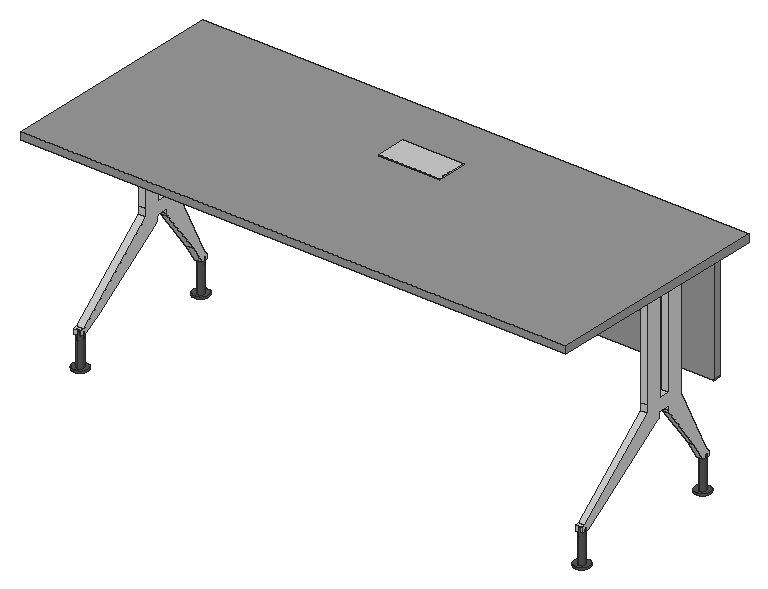
Revit family "Haworth_Planes_TrainingTable_Rectangle_AP_PRELIMINARY", category Furniture, Revit 2019
Family settings
  OmniClass Number = 23.40.70.14.64.21
  OmniClass Title = Systems Furniture
  Work Plane-Based = No
  Always vertical = Yes
  Cut with Voids When Loaded = No
  Shared = No
  Room Calculation Point = No
Parameters (values of type "1800w x 750d")
  With Screen = yes
  Width = 1800 mm
  Warranty = "http://www.haworth.com/resources/product-info/warranties"
  URL - Product = "https://www.haworth.com/ap/en/products/conference-tables/planes-0.html"
  Trim Finish = Haworth _ Polymer _ Undecided
  Top Finish [instance] = Haworth _ Laminate _ Undecided _ Tables
  Support Finish [instance] = Haworth _ Paint _ Undecided _ Table
  Screen Width = Actual Width - 190 mm  # 1610 mm
  Screen Finish [instance] = Haworth _ Fabric _ Undecided _ Screen
  Model = "WOPLTRR"  # constant formula
  Min. Width = 1500 mm  # constant formula
  Min. Depth = 650 mm  # constant formula
  Max. Width = 1800 mm  # constant formula
  Max. Depth = 800 mm  # constant formula
  Leg Height = Actual Height - 25 mm  # 715 mm
  Glides = yes
  Flip Top Finish = Haworth _ Paint _ Undecided _ Table
  Flip Top = yes
  Description = "Haworth - Planes - Training Table - Rectangle"  # constant formula
  URL = "https://www.haworth.com/ap/en.html"
  Size = "Verify Final Dim. w/ Haworth"  # constant formula
  Revision Number = "1"  # constant formula
  Manufacturer = "Haworth"  # constant formula
  Depth = 750 mm
  Casters = not(Glides)  # no
  Caster Finish = Haworth _ Polymer _ Black
  Author = "Haworth (Abd Rahman)"  # constant formula
  Assembly Code = "E2020200"
  Actual Width = if(Width > Max. Width, Max. Width, if(Width < Min. Width, Min. Width, Width))  # 1800 mm
  Actual Height = 740 mm  # constant formula
  Actual Depth = if(Depth > Max. Depth, Max. Depth, if(Depth < Min. Depth, Min. Depth, Depth))  # 750 mm
Types (7, lengths in mm): name | With Screen | Width | Screen Width | Glides | Flip Top | Depth | Casters | Actual Width | Actual Depth
  (no name) | yes | 1800 | 1610 | yes | yes | 750 | no | 1800 | 750
  1500w x 650d | no | 1500 | 1310 | no | no | 650 | yes | 1500 | 650
  1600w x 650d | no | 1600 | 1410 | no | no | 650 | yes | 1600 | 650
  1800w x 650d | yes | 1800 | 1610 | no | yes | 650 | yes | 1800 | 650
  1500w x 750d | yes | 1500 | 1310 | yes | yes | 750 | no | 1500 | 750
  1600w x 750d | yes | 1600 | 1410 | yes | yes | 750 | no | 1600 | 750
  1800w x 750d | yes | 1800 | 1610 | yes | yes | 750 | no | 1800 | 750
Reference planes
  plane 1 "Center F/B": y = 0
  plane 2: z = 0
  plane 3 "Top": z = 740
  plane 4: x = 0
  plane 5: z = 715
  plane 6: x = -900
  plane 7: x = 900
  plane 8: y = 375
  plane 9: y = -375
  plane 10: y = -325
  plane 11: x = 850
  plane 12: y = 325
  plane 13: x = -850
  plane 14: y = 102.482
  plane 15: x = 470
  plane 16: x = -470
  plane 17: z = 689.941
Dimensions and locks
  "Actual Height": plane 3 "Top" to level
  "Actual Width": plane 6 to plane 7
  equal spacing: plane 6, plane 4, plane 7
  equal spacing: plane 8, plane 1 "Center F/B", plane 9
  "Actual Depth": plane 8 to plane 9
  locked: plane 3 "Top" to plane 5 at 25
  locked: plane 6 to plane 13 at 50
  locked: plane 11 to plane 7 at 50
  locked: plane 10 to plane 9 at 50
  locked: plane 12 to plane 8 at 50
  locked: plane 1 "Center F/B" to plane 14 at 102.482
  locked: plane 15 to plane 7 at 430
  locked: plane 6 to plane 16 at 430
  locked: plane 5 to plane 17 at 25.059
  aligned and locked: nested 2 to plane 4
  aligned and locked: plane 1 "Center F/B" to nested 2
  aligned and locked: plane 3 "Top" to nested 2
  aligned and locked: level to nested 4
  aligned and locked: level to nested 3
  aligned and locked: nested 1 to plane 4
  aligned and locked: plane 5 to nested 1
  aligned and locked: plane 8 to nested 1
  aligned and locked: nested 5 to plane 4
  aligned and locked: nested 6 to plane 4
  aligned and locked: nested 6 to plane 3 "Top"
  aligned and locked: plane 1 "Center F/B" to nested 4
  aligned and locked: nested 4 to plane 11
  aligned and locked: plane 1 "Center F/B" to nested 3
  aligned and locked: plane 13 to nested 3
  aligned and locked: plane 14 to nested 5
  aligned and locked: nested 6 to plane 14
  aligned and locked: nested 7 to plane 15
  aligned and locked: plane 1 "Center F/B" to nested 7
  aligned and locked: nested 8 to plane 16
  aligned and locked: nested 8 to plane 1 "Center F/B"
  aligned and locked: nested 8 to plane 5
  aligned and locked: plane 5 to nested 7
  aligned and locked: nested 5 to plane 17
Nested families
  nested 1: "Haworth_Planes_ModestyPanel-PART" at (0, -16, -463.707), Screen Finish <- "Screen Finish", Trim Finish <- "Trim Finish", visible <- "With Screen", type "Modesty Panel"
    with Trim Finish Haworth _ Polymer _ Undecided, Screen Finish Haworth _ Fabric _ Undecided _ Screen, Actual Width 1610 mm
  nested 2: "Haworth_Planes_Top_EU-PART" at (556.859, 72.1, 5), Top Finish <- "Top Finish", type "Conference Desk - Top"
    with Top Finish Haworth _ Laminate _ Undecided _ Tables, Rounded Corners no, Actual Width 1800 mm, Actual Depth 750 mm
  nested 3: "Haworth_Planes_YLeg_Linear-PART" at (-1304, 29.1, 0.293), Support Finish <- "Support Finish", type "Leg"
    with Support Finish Haworth _ Paint _ Undecided _ Table, Glides yes, Casters no
  nested 4: "Haworth_Planes_YLeg_Linear-PART" at (350, 29.1, 0.293), Support Finish <- "Support Finish", type "Leg"
    with Support Finish Haworth _ Paint _ Undecided _ Table, Glides yes, Casters no
  nested 5: "Haworth_Planes_Beam_Understructure-PART" at (0, 131.582, -25.059), Support Finish <- "Support Finish", type "Beam Understructure"
    with Support Finish Haworth _ Paint _ Undecided _ Table, Actual Width 1610 mm
  nested 6: "Haworth-Flip Top" at (-14.487, 151.149, -60), visible <- "Flip Top", type "Flip Top - Visio"
    with Actual Width 200 mm, Actual Depth 100 mm
  nested 7: "Haworth_Planes_DeskUnderstructure-PART" at (470, 29.1, 0), Support Finish <- "Support Finish", type "Desk Understructure"
    with Support Finish Haworth _ Paint _ Undecided _ Table
  nested 8: "Haworth_Planes_DeskUnderstructure-PART" at (-470, 29.1, 0) x (-1, 0, 0) z (0, 0, 1), Support Finish <- "Support Finish", type "Desk Understructure"
    with Support Finish Haworth _ Paint _ Undecided _ Table
Definition of nested family "Haworth_Planes_ModestyPanel-PART"
  Parameters (values of type "Modesty Panel")
    Warranty = "http://www.haworth.com/resources/product-info/warranties"
    URL - Product = "\"Haworth - Planes - Modesty Panel\""
    URL = "https://www.haworth.com/eu/en.html"
    Trim Finish [instance] = none
    Thickness = 32 mm  # constant formula
    Size = "Verify Final Dim. w/ Haworth"  # constant formula
    Screen Finish [instance] = none
    Revision Number = ""
    Model = "Haworth - Planes - Modesty Panel"  # constant formula
    Manufacturer = "Haworth"  # constant formula
    Description = "Haworth - Planes - Modesty Panel"  # constant formula
    Author = "Haworth (Abd Rahman)"  # constant formula
    Assembly Code = ""
    Actual Width = 1300 mm
    Actual Height = 400 mm
    Actual Depth = 20 mm  # constant formula
  Reference planes
    plane 1 "Center F/B": y = 381
    plane 2: z = 0
    plane 3 "Center L/R": x = 0
    plane 4 "Table Front": y = 391
    plane 5 "Table Right": x = 650
    plane 6 "Table Left": x = -650
    plane 7 "Table Back": y = 371
    plane 8: z = 745.582
    plane 9: z = 1145.582
    plane 10: x = 400.779
    plane 11: x = -400.779
    plane 12: z = 1178.707
    plane 13: y = 399.573
  Forms (mm)
    Extrusion 1, solid, material <- "Screen Finish"
      sketch origin (0, 391, 0) x (-1, 0, 0) y (0, 0, 1)
        loop
          line (645, 1145.582) -> (-645, 1145.582)
          arc (-645, 1145.582) -> (-648.536, 1144.118) -> (-650, 1140.582) r 5
          line (-650, 1140.582) -> (-650, 750.582)
          arc (-650, 750.582) -> (-648.536, 747.047) -> (-645, 745.582) r 5
          line (-645, 745.582) -> (645, 745.582)
          arc (645, 745.582) -> (648.536, 747.047) -> (650, 750.582) r 5
          line (650, 750.582) -> (650, 1140.582)
          arc (650, 1140.582) -> (648.536, 1144.118) -> (645, 1145.582) r 5
      from -20 to 0
  Lines and regions (mm)
    Masking region 1
      outline origin (0, 0, 0) x (1, 0, 0) y (0, 1, 0)
        loop
          line (-650, 391) -> (-650, 371) -> (650, 371) -> (650, 391) -> (-650, 391)
  Dimensions and locks
    "Actual Depth": plane 7 "Table Back" to plane 4 "Table Front"
    "Actual Width": plane 6 "Table Left" to plane 5 "Table Right"
    equal spacing: plane 6 "Table Left", plane 3 "Center L/R", plane 5 "Table Right"
    equal spacing: plane 4 "Table Front", plane 1 "Center F/B", plane 7 "Table Back"
    "Actual Height": plane 9 to plane 8
    locked: plane 11 to plane 6 "Table Left" at 249.221
    locked: plane 10 to plane 5 "Table Right" at 249.221
    plane 12 to plane 9 = 33.125 mm
    aligned and locked: Extrusion 1 sketch curve to plane 5 "Table Right"
    aligned and locked: plane 8 to Extrusion 1 sketch curve
    aligned and locked: nested 1 to plane 10
    aligned and locked: nested 2 to plane 11
    aligned and locked: plane 4 "Table Front" to Extrusion 1
    aligned and locked: plane 7 "Table Back" to Extrusion 1
    aligned and locked: plane 12 to nested 1
    aligned and locked: plane 12 to nested 2
    aligned and locked: plane 13 to nested 2
    aligned and locked: plane 13 to nested 1
    aligned and locked: plane 6 "Table Left" to Masking region 1 sketch curve
    aligned and locked: Masking region 1 sketch curve to plane 7 "Table Back"
    aligned and locked: plane 5 "Table Right" to Masking region 1 sketch curve
    aligned and locked: Masking region 1 sketch curve to plane 4 "Table Front"
  Automatic sketch dimensions
    plane 5 "Table Right" to Extrusion 1 sketch curve = 5 mm  (x2)
    Extrusion 1 sketch curve to Extrusion 1 sketch curve = 5 mm  (x2)
    Extrusion 1 sketch curve to plane 6 "Table Left" = 0 mm
    Extrusion 1 sketch curve to plane 9 = 0 mm
  Nested families
    nested 1: "Haworth_Planes_ModestyPanel-FixingKit-PART" at (11.175, 2353.951, 465.107), Trim Finish <- "Trim Finish", type "Fixing Kit"
      with Trim Finish none
    nested 2: "Haworth_Planes_ModestyPanel-FixingKit-PART" at (-790.384, 2353.951, 465.107), Trim Finish <- "Trim Finish", type "Fixing Kit"
      with Trim Finish none
  Definition of nested family "Haworth_Planes_ModestyPanel-FixingKit-PART"
    Parameters (values of type "Fixing Kit")
      Warranty = "http://www.haworth.com/resources/product-info/warranties"
      URL - Product = "https://www.haworth.com/eu/en/products/conference-tables/planes-0.html"
      URL = "https://www.haworth.com/eu/en.html"
      Trim Finish [instance] = none
      Size = "Verify Final Dim. w/ Haworth"  # constant formula
      Revision Number = ""
      Model = "Haworth - Planes - Modesty Panel"  # constant formula
      Manufacturer = "Haworth"  # constant formula
      Description = "Haworth - Planes - Modesty Panel"  # constant formula
      Author = "Haworth (Abd Rahman)"  # constant formula
      Assembly Code = ""
      Actual Width = 60 mm  # constant formula
      Actual Height = 400 mm
      Actual Depth = 80 mm  # constant formula
    Reference planes
      plane 1: z = 0
      plane 2: x = 419.604
      plane 3: x = 359.604
      plane 4: y = -2045.451
      plane 5: y = -1965.451
      plane 6: x = 389.604
      plane 7: y = -2005.451
      plane 8: z = 713.6
      plane 9: z = 646.069
    Forms (mm)
      Extrusion 1, solid, material <- "Trim Finish"
        sketch origin (0, 0, 0) x (1, 0, 0) y (0, 1, 0)
          loop
            line (359.604, -1966.95) -> (359.604, -2043.951) -> (361.104, -2045.451) -> (418.104, -2045.451) -> (419.604, -2043.951) -> (419.604, -1966.95) -> (418.104, -1965.451) -> (400.162, -1965.451) -> (400.162, -1990.429) -> (379.046, -1990.429) -> (379.046, -1965.451) -> (361.104, -1965.451) -> (359.604, -1966.95)
        from 694.159 to 713.6
      Extrusion 2, solid, material <- "Trim Finish"
        sketch origin (0, 0, 0) x (1, 0, 0) y (0, 1, 0)
          loop
            line (382.136, -1955.878) -> (382.136, -1990.429) -> (397.072, -1990.429) -> (397.072, -1955.878) -> (395.572, -1954.378) -> (383.637, -1954.378) -> (382.136, -1955.878)
        from 703.859 to 710.25
      Extrusion 3, solid, material <- "Trim Finish"
        sketch origin (700, 0, 0) x (0, -1, 0) y (0, 0, 1)
          loop
            line (2038.451, 694.159) -> (1970.296, 694.159) -> (1970.296, 683.014)
            arc (1970.296, 683.014) -> (1971.43, 680.646) -> (1973.987, 680.046) r 3.039
            line (1973.987, 680.046) -> (2038.451, 694.159)
        from 283.261 to 337.338
      Extrusion 4, solid, material <- "Trim Finish"
        sketch origin (700, 0, 0) x (0, -1, 0) y (0, 0, 1)
          loop
            arc (1989.867, 673.842) -> (1986.219, 683.857) -> (1977.537, 690.041) r 17.962
            arc (1977.537, 690.041) -> (1969.985, 689.966) -> (1965.918, 683.601) r 7.933
            line (1965.918, 683.601) -> (1965.918, 678.966) -> (1970.296, 678.966) -> (1970.296, 683.343) -> (1976.219, 683.343) -> (1976.219, 678.966) -> (1981.884, 678.966) -> (1981.884, 646.069) -> (1989.867, 646.069) -> (1989.867, 673.842)
        from 280.3 to 340.299
      Extrusion 5, void
        sketch origin (0, 397, 0) x (-1, 0, 0) y (0, 0, 1)
          loop
            line (-413.2, 690.94) -> (-413.2, 669.953) -> (-416.701, 669.953)
            arc (-416.701, 669.953) -> (-418.822, 669.074) -> (-419.7, 666.953) r 3
            line (-419.7, 666.953) -> (-419.7, 649.069)
            arc (-419.7, 649.069) -> (-418.822, 646.947) -> (-416.7, 646.069) r 3
            line (-416.7, 646.069) -> (-362.443, 646.069)
            arc (-362.443, 646.069) -> (-360.322, 646.947) -> (-359.443, 649.069) r 3
            line (-359.443, 649.069) -> (-359.443, 666.982)
            arc (-359.443, 666.982) -> (-360.313, 669.083) -> (-362.413, 669.953) r 2.97
            line (-362.413, 669.953) -> (-365.943, 669.953) -> (-365.943, 690.94) -> (-378.572, 690.94) -> (-378.572, 669.953) -> (-400.572, 669.953) -> (-400.572, 690.94) -> (-413.2, 690.94)
          loop
            line (-354.992, 695.369) -> (-426.878, 695.369) -> (-426.878, 640.369) -> (-354.992, 640.369) -> (-354.992, 695.369)
        from -2414.06 to -2318.616
      Extrusion 6, solid, material <- "Trim Finish"
        sketch origin (0, 0, 0) x (1, 0, 0) y (0, 1, 0)
          loop
            line (400.162, -1990.429) -> (400.162, -1965.451) -> (379.046, -1965.451) -> (379.046, -1990.429) -> (400.162, -1990.429)
        from 694.159 to 707.6
    Cuts and joins
      Extrusion 5 cuts Extrusion 4
      joined: Extrusion 1, Extrusion 2, Extrusion 3, Extrusion 4, Extrusion 6
    Lines and regions (mm)
      Masking region 1
        outline origin (0, 0, 0) x (1, 0, 0) y (0, 1, 0)
          loop
            line (359.604, -1966.95) -> (359.604, -2043.951) -> (361.104, -2045.451) -> (418.104, -2045.451) -> (419.604, -2043.951) -> (419.604, -1966.95) -> (418.104, -1965.451) -> (400.162, -1965.451) -> (400.162, -1990.429) -> (397.072, -1990.429) -> (397.072, -1955.878) -> (395.572, -1954.378) -> (383.637, -1954.378) -> (382.136, -1955.878) -> (382.136, -1990.429) -> (379.046, -1990.429) -> (379.046, -1965.451) -> (361.104, -1965.451) -> (359.604, -1966.95)
    Dimensions and locks
      equal spacing: plane 3, plane 6, plane 2
      "Actual Width": plane 3 to plane 2
      "Actual Depth": plane 4 to plane 5
      equal spacing: plane 4, plane 7, plane 5
    Automatic sketch dimensions
      Extrusion 1 sketch curve to plane 3 = 0 mm
      plane 4 to Extrusion 1 sketch curve = 0 mm
      plane 5 to Extrusion 1 sketch curve = 0 mm  (x2)
      Extrusion 1 sketch curve to plane 2 = 0 mm
      Extrusion 1 sketch curve to plane 3 = 1.5 mm  (x2)
      Extrusion 1 sketch curve to plane 6 = 10.558 mm
      plane 6 to Extrusion 1 sketch curve = 10.558 mm
      plane 2 to Extrusion 1 sketch curve = 1.5 mm  (x2)
      Extrusion 1 sketch curve to plane 4 = 1.5 mm  (x2)
      plane 5 to Extrusion 1 sketch curve = 1.5 mm  (x2)
      Extrusion 2 sketch curve to plane 6 = 7.468 mm
      Extrusion 2 sketch curve to Extrusion 2 sketch curve = 1.5 mm  (x3)
      plane 6 to Extrusion 2 sketch curve = 5.968 mm
      Extrusion 2 sketch curve to plane 5 = 9.573 mm  (x2)
      plane 5 to Extrusion 3 sketch curve = 4.845 mm
      Extrusion 3 sketch curve to Extrusion 3 sketch curve = 3.039 mm
      Extrusion 3 sketch curve to Extrusion 3 sketch curve = 0.652 mm
      Extrusion 3 sketch curve to plane 4 = 7 mm
      Extrusion 3 sketch curve to Extrusion 3 sketch curve = 11.145 mm
      plane 5 to Extrusion 4 sketch curve = 0.468 mm
      Extrusion 4 sketch curve to Extrusion 4 sketch curve = 4.378 mm
      Extrusion 4 sketch curve to Extrusion 4 sketch curve = 1.629 mm
      Extrusion 4 sketch curve to Extrusion 4 sketch curve = 3.535 mm
      Extrusion 4 sketch curve to Extrusion 4 sketch curve = 2.388 mm
      plane 5 to Extrusion 4 sketch curve = 16.433 mm
      Extrusion 4 sketch curve to Extrusion 4 sketch curve = 7.983 mm
      Extrusion 4 sketch curve to Extrusion 4 sketch curve = 26.91 mm
      Extrusion 4 sketch curve to Extrusion 4 sketch curve = 0.864 mm
      Extrusion 4 sketch curve to Extrusion 4 sketch curve = 5.987 mm  (x2)
      Extrusion 4 sketch curve to Extrusion 4 sketch curve = 4.062 mm
      Extrusion 4 sketch curve to Extrusion 4 sketch curve = 0.316 mm
      Extrusion 4 sketch curve to Extrusion 4 sketch curve = 0.258 mm
      Extrusion 5 sketch curve to plane 2 = 7.274 mm
      Extrusion 5 sketch curve to plane 2 = 0.096 mm
      plane 2 to Extrusion 5 sketch curve = 2.904 mm  (x2)
      Extrusion 5 sketch curve to Extrusion 5 sketch curve = 3.5 mm
      plane 6 to Extrusion 5 sketch curve = 10.967 mm
      Extrusion 5 sketch curve to plane 6 = 11.033 mm
      Extrusion 5 sketch curve to plane 3 = 6.339 mm
      Extrusion 5 sketch curve to plane 3 = 2.839 mm
      Extrusion 5 sketch curve to plane 3 = 2.809 mm
      plane 3 to Extrusion 5 sketch curve = 0.161 mm
      plane 3 to Extrusion 5 sketch curve = 4.613 mm
      Extrusion 5 sketch curve to Extrusion 5 sketch curve = 5.7 mm
      Extrusion 5 sketch curve to Extrusion 5 sketch curve = 17.884 mm
      Extrusion 5 sketch curve to Extrusion 5 sketch curve = 17.914 mm
      Extrusion 5 sketch curve to Extrusion 5 sketch curve = 0 mm
      Extrusion 5 sketch curve to Extrusion 5 sketch curve = 20.987 mm  (x2)
      Extrusion 5 sketch curve to Extrusion 5 sketch curve = 4.429 mm
      plane 5 to Extrusion 6 sketch curve = 0 mm
      Extrusion 6 sketch curve to plane 6 = 10.558 mm
      plane 6 to Extrusion 6 sketch curve = 10.558 mm
      Extrusion 1 sketch curve to Extrusion 1 sketch curve = 24.978 mm
      plane 5 to Extrusion 2 sketch curve = 24.978 mm
      plane 5 to Extrusion 6 sketch curve = 24.978 mm
      level to Extrusion 3 sketch curve = 680.046 mm
      level to Extrusion 4 sketch curve = 646.069 mm
      level to Extrusion 5 sketch curve = 640.369 mm
      Masking region 1 sketch curve to plane 3 = 0 mm
      plane 4 to Masking region 1 sketch curve = 0 mm
      plane 5 to Masking region 1 sketch curve = 0 mm  (x2)
      Masking region 1 sketch curve to plane 2 = 0 mm
      Masking region 1 sketch curve to plane 3 = 1.5 mm  (x2)
      Masking region 1 sketch curve to plane 6 = 10.558 mm
      plane 6 to Masking region 1 sketch curve = 10.558 mm
      plane 2 to Masking region 1 sketch curve = 1.5 mm  (x2)
      Masking region 1 sketch curve to plane 4 = 1.5 mm  (x2)
      plane 7 to Masking region 1 sketch curve = 15.022 mm  (x2)
      plane 5 to Masking region 1 sketch curve = 1.5 mm  (x2)
      Masking region 1 sketch curve to Masking region 1 sketch curve = 3.09 mm  (x2)
      Masking region 1 sketch curve to plane 5 = 9.573 mm
      Masking region 1 sketch curve to Masking region 1 sketch curve = 1.5 mm  (x3)
      plane 6 to Masking region 1 sketch curve = 5.968 mm
Definition of nested family "Haworth_Planes_Top_EU-PART"
  Parameters (values of type "Conference Desk - Top")
    Warranty = "http://www.haworth.com/resources/product-info/warranties"
    URL - Product = ""
    URL = "https://www.haworth.com/eu/en.html"
    Top Finish [instance] = none
    Thickness = 25 mm
    Squared Corners = yes
    Size = "Verify Final Dim. w/ Haworth"  # constant formula
    Rounded Corners = yes
    Revision Number = "1"  # constant formula
    Model = ""
    Manufacturer = "Haworth"  # constant formula
    Edge Protector = none
    Description = ""
    Author = "Haworth (Abd Rahman)"  # constant formula
    Assembly Code = "E2020200"
    Actual Width = 2100 mm
    Actual Mounting Height = 450 mm
    Actual Depth = 800 mm
  Reference planes
    plane 1: z = -5
    plane 2: x = -1606.859
    plane 3: x = 493.141
    plane 4: x = -556.859
    plane 5: y = 327.9
    plane 6: y = -472.1
    plane 7: y = -72.1
    plane 8: z = 735
    plane 9: z = 710
    plane 10: z = 726
    plane 11: z = 717
    plane 12: x = 488.203
    plane 13: x = -1601.922
    plane 14: y = 323.298
    plane 15: y = -467.498
  Forms (mm)
    Extrusion 1, solid, material <- "Top Finish", visible <- "Squared Corners"
      sketch origin (0, 0, -5) x (1, 0, 0) y (0, 1, 0)
        loop
          line (-1606.859, 327.9) -> (-1606.859, -472.1) -> (493.141, -472.1) -> (493.141, 327.9) -> (-1606.859, 327.9)
      from 715 to 740
    Extrusion 2, solid, material <- "Top Finish", visible <- "Rounded Corners"
      sketch origin (0, 0, -5) x (1, 0, 0) y (0, 1, 0)
        loop
          arc (-1561.922, 323.298) -> (-1590.206, 311.583) -> (-1601.922, 283.298) r 40
          line (-1601.922, 283.298) -> (-1601.922, -427.498)
          arc (-1601.922, -427.498) -> (-1590.206, -455.783) -> (-1561.922, -467.498) r 40
          line (-1561.922, -467.498) -> (448.203, -467.498)
          arc (448.203, -467.498) -> (476.488, -455.783) -> (488.203, -427.498) r 40
          line (488.203, -427.498) -> (488.203, 283.298)
          arc (488.203, 283.298) -> (476.488, 311.583) -> (448.203, 323.298) r 40
          line (448.203, 323.298) -> (-1561.922, 323.298)
      from 731 to 740
    Extrusion 3, solid, material <- "Top Finish", visible <- "Rounded Corners"
      sketch origin (0, 0, -5) x (1, 0, 0) y (0, 1, 0)
        loop
          arc (-1561.922, 323.298) -> (-1590.206, 311.583) -> (-1601.922, 283.298) r 40
          line (-1601.922, 283.298) -> (-1601.922, -427.498)
          arc (-1601.922, -427.498) -> (-1590.206, -455.783) -> (-1561.922, -467.498) r 40
          line (-1561.922, -467.498) -> (448.203, -467.498)
          arc (448.203, -467.498) -> (476.488, -455.783) -> (488.203, -427.498) r 40
          line (488.203, -427.498) -> (488.203, 283.298)
          arc (488.203, 283.298) -> (476.488, 311.583) -> (448.203, 323.298) r 40
          line (448.203, 323.298) -> (-1561.922, 323.298)
      from 715 to 722
    Extrusion 4, solid, material <- "Edge Protector", visible <- "Rounded Corners"
      sketch origin (0, 0, -5) x (1, 0, 0) y (0, 1, 0)
        loop
          arc (-1566.859, 327.9) -> (-1595.143, 316.184) -> (-1606.859, 287.9) r 40
          line (-1606.859, 287.9) -> (-1606.859, -432.1)
          arc (-1606.859, -432.1) -> (-1595.143, -460.384) -> (-1566.859, -472.1) r 40
          line (-1566.859, -472.1) -> (453.141, -472.1)
          arc (453.141, -472.1) -> (481.425, -460.384) -> (493.141, -432.1) r 40
          line (493.141, -432.1) -> (493.141, 287.9)
          arc (493.141, 287.9) -> (481.425, 316.184) -> (453.141, 327.9) r 40
          line (453.141, 327.9) -> (-1566.859, 327.9)
      from 722 to 731
  Lines and regions (mm)
    Masking region 1, visible <- "Squared Corners"
      outline origin (0, 0, -5) x (1, 0, 0) y (0, 1, 0)
        loop
          line (-1606.859, 327.9) -> (-1606.859, -472.1) -> (493.141, -472.1) -> (493.141, 327.9) -> (-1606.859, 327.9)
    Masking region 2, visible <- "Rounded Corners"
      outline origin (0, 0, -5) x (1, 0, 0) y (0, 1, 0)
        loop
          arc (-1566.859, 327.9) -> (-1595.143, 316.184) -> (-1606.859, 287.9) r 40
          line (-1606.859, 287.9) -> (-1606.859, -432.1)
          arc (-1606.859, -432.1) -> (-1595.143, -460.384) -> (-1566.859, -472.1) r 40
          line (-1566.859, -472.1) -> (453.141, -472.1)
          arc (453.141, -472.1) -> (481.425, -460.384) -> (493.141, -432.1) r 40
          line (493.141, -432.1) -> (493.141, 287.9)
          arc (493.141, 287.9) -> (481.425, 316.184) -> (453.141, 327.9) r 40
          line (453.141, 327.9) -> (-1566.859, 327.9)
  Dimensions and locks
    equal spacing: plane 2, plane 4, plane 3
    equal spacing: plane 6, plane 7, plane 5
    "Actual Width": plane 2 to plane 3
    "Actual Depth": plane 6 to plane 5
    plane 8 to plane 10 to plane 11 to plane 9 = 9 mm locked, 9 mm locked, 7 mm locked
    locked: plane 2 to plane 13 at 4.937
    locked: plane 12 to plane 3 at 4.938
    locked: plane 14 to plane 5 at 4.602
    locked: plane 6 to plane 15 at 4.602
    plane 8 to plane 9 = 25 mm
    aligned and locked: level to plane 1
    aligned and locked: plane 3 to Extrusion 1 sketch curve
    aligned and locked: plane 5 to Extrusion 1 sketch curve
    aligned and locked: Extrusion 1 sketch curve to plane 6
    aligned and locked: Extrusion 1 sketch curve to plane 2
    aligned and locked: plane 8 to Extrusion 1
    aligned and locked: Extrusion 1 to plane 9
    aligned and locked: Extrusion 2 to plane 8
    aligned and locked: Extrusion 2 to plane 10
    aligned and locked: plane 12 to Extrusion 3 sketch curve
    aligned and locked: Extrusion 3 sketch curve to plane 14
    aligned and locked: Extrusion 3 sketch curve to plane 15
    aligned and locked: plane 13 to Extrusion 3 sketch curve
    aligned and locked: plane 13 to Extrusion 2 sketch curve
    aligned and locked: Extrusion 2 sketch curve to plane 15
    aligned and locked: plane 12 to Extrusion 2 sketch curve
    aligned and locked: Extrusion 2 sketch curve to plane 14
    aligned and locked: plane 11 to Extrusion 3
    aligned and locked: Extrusion 3 to plane 9
    aligned and locked: Extrusion 4 sketch curve to plane 6
    aligned and locked: plane 3 to Extrusion 4 sketch curve
    aligned and locked: plane 5 to Extrusion 4 sketch curve
    aligned and locked: Extrusion 4 sketch curve to plane 2
    aligned and locked: Extrusion 4 to plane 11
    aligned and locked: plane 10 to Extrusion 4
    aligned and locked: plane 3 to Masking region 1 sketch curve
    aligned and locked: Masking region 1 sketch curve to plane 6
    aligned and locked: plane 5 to Masking region 1 sketch curve
    aligned and locked: Masking region 1 sketch curve to plane 2
    aligned and locked: plane 3 to Masking region 2 sketch curve
    aligned and locked: Masking region 2 sketch curve to plane 6
    aligned and locked: plane 5 to Masking region 2 sketch curve
    aligned and locked: Masking region 2 sketch curve to plane 2
  Automatic sketch dimensions
    plane 13 to Extrusion 2 sketch curve = 40 mm  (x2)
    plane 12 to Extrusion 2 sketch curve = 40 mm  (x2)
    Extrusion 2 sketch curve to plane 15 = 40 mm  (x2)
    plane 13 to Extrusion 3 sketch curve = 40 mm  (x2)
    plane 12 to Extrusion 3 sketch curve = 40 mm  (x2)
    Extrusion 3 sketch curve to plane 15 = 40 mm  (x2)
    plane 13 to Extrusion 4 sketch curve = 35.063 mm  (x2)
    plane 12 to Extrusion 4 sketch curve = 35.062 mm  (x3)
    Extrusion 4 sketch curve to plane 15 = 35.398 mm
    plane 13 to Masking region 2 sketch curve = 35.063 mm  (x2)
    plane 12 to Masking region 2 sketch curve = 35.062 mm  (x2)
Definition of nested family "Haworth_Planes_YLeg_Linear-PART"
  Parameters (values of type "Leg")
    Support Finish [instance] = none
    Leg Height = 715 mm
    Glides = no
    Casters = yes
    Caster Finish = none
    Assembly Code = ""
    Actual Width = 46 mm  # constant formula
    Actual Depth = 615 mm  # constant formula
  Reference planes
    plane 1 "Center (Front/Back)": y = -29.1
    plane 2: z = 0
    plane 3: x = 0
    plane 4 "Bottom of Top": z = 715
    plane 5: x = 500
    plane 6: y = -336.6
    plane 7: y = 278.4
    plane 8: x = 454
    plane 9: x = 478.436
    plane 10: y = 73.381
  Forms (mm)
    Extrusion 1, solid, material <- "Support Finish"
      sketch origin (0, 0, 0) x (0, 1, 0) y (0, 0, 1)
        loop
          line (141.775, 362.671) -> (141.775, 711.5) -> (138.276, 715) -> (95.4, 715) -> (91.901, 711.5) -> (91.901, 710) -> (91.902, 362.671) -> (54.861, 362.671) -> (54.862, 711.5) -> (51.363, 715) -> (4.987, 715) -> (4.987, 362.671) -> (4.987, 339.141) -> (-250.67, 120.532) -> (-261.964, 117.447) -> (-261.964, 102.565) -> (-240.287, 102.565) -> (-193.351, 131.527) -> (45.922, 298.707)
          arc (45.922, 298.707) -> (51.055, 304.416) -> (53.083, 311.821) r 16.665
          line (53.083, 311.821) -> (53.463, 322.671) -> (93.069, 322.671) -> (93.517, 307.315)
          arc (93.517, 307.315) -> (94.461, 302.191) -> (96.907, 297.591) r 17.074
          line (96.907, 297.591) -> (198.363, 160.527) -> (235.55, 102.565) -> (257.964, 102.565) -> (257.964, 117.447) -> (245.98, 132.282) -> (141.775, 339.141) -> (141.775, 362.671)
      from 467.621 to 489.832
    Extrusion 2, solid, material <- "Caster Finish"
      sketch origin (0, -0.312, 0) x (1, 0, 0) y (0, 1, 0)
        loop
          circle (477.789, -250.983) r 5.7
      from 61.935 to 87.325
    Extrusion 3, solid, material <- "Caster Finish"
      sketch origin (1.094, 0, 0) x (1, 0, 0) y (0, 1, 0)
        loop
          circle (477.656, -250.983) r 10.981
      from 87.325 to 117.447
    Extrusion 4, solid, material <- "Caster Finish"
      sketch origin (0, 497.653, 0) x (1, 0, 0) y (0, 1, 0)
        loop
          circle (477.789, -250.983) r 5.7
      from 61.935 to 87.325
    Extrusion 5, solid, material <- "Caster Finish"
      sketch origin (1.094, 497.966, 0) x (1, 0, 0) y (0, 1, 0)
        loop
          circle (477.656, -250.983) r 10.981
      from 87.325 to 117.447
    Extrusion 6, solid, material <- "Support Finish", visible <- "Casters"
      sketch origin (0, 0, -8.138) x (1, 0, 0) y (0, 1, 0)
        loop
          line (462.556, -326.656) -> (464.055, -328.156) -> (489.728, -328.156) -> (491.228, -326.656) -> (491.228, -311.934) -> (462.556, -311.934) -> (462.556, -326.656)
      from 40.081 to 44.029
    Extrusion 7, solid, material <- "Caster Finish", visible <- "Casters"
      sketch origin (-201.113, 0, -0.488) x (0, 1, 0) y (0, 0, 1)
        loop
          circle (-272.817, 40.081) r 39.593
      from 685.428 to 702.475
    Extrusion 8, solid, material <- "Support Finish", visible <- "Casters"
      sketch origin (-201.113, 0, -0.488) x (0, 1, 0) y (0, 0, 1)
        loop
          circle (-272.817, 40.081) r 33.398
      from 671.711 to 689.832
    Extrusion 9, solid, material <- "Support Finish", visible <- "Casters"
      sketch origin (0, 497.966, -8.138) x (1, 0, 0) y (0, 1, 0)
        loop
          line (462.556, -326.656) -> (464.055, -328.156) -> (489.728, -328.156) -> (491.228, -326.656) -> (491.228, -311.934) -> (462.556, -311.934) -> (462.556, -326.656)
      from 40.081 to 44.029
    Extrusion 10, solid, material <- "Caster Finish", visible <- "Casters"
      sketch origin (-201.113, 497.966, -0.488) x (0, 1, 0) y (0, 0, 1)
        loop
          circle (-272.817, 40.081) r 39.593
      from 685.428 to 702.475
    Extrusion 11, solid, material <- "Caster Finish", visible <- "Casters"
      sketch origin (-231.113, 497.966, -0.488) x (0, 1, 0) y (0, 0, 1)
        loop
          circle (-272.817, 40.081) r 39.593
      from 685.428 to 702.475
    Extrusion 12, solid, material <- "Support Finish", visible <- "Casters"
      sketch origin (-201.113, 497.966, -0.488) x (0, 1, 0) y (0, 0, 1)
        loop
          circle (-272.817, 40.081) r 33.398
      from 671.711 to 689.832
    Revolve 13, solid, material <- "Caster Finish", visible <- "Glides"
      sketch origin (478.75, 0, 0) x (0, 1, 0) y (0, 0, 1)
        loop
          line (246.829, 114.52) -> (235.716, 114.52) -> (235.716, 4.47) -> (221.429, 4.47) -> (221.429, -0.293) -> (246.829, -0.293) -> (246.829, 114.52)
        axis (246.829, 114.52) -> (246.829, -0.293)
      angle from 0 to 360
    Revolve 14, solid, material <- "Caster Finish", visible <- "Glides"
      sketch origin (478.75, -4.138, 0) x (0, -1, 0) y (0, 0, 1)
        loop
          line (246.829, 114.52) -> (235.716, 114.52) -> (235.716, 4.47) -> (221.429, 4.47) -> (221.429, -0.293) -> (246.829, -0.293) -> (246.829, 114.52)
        axis (246.829, 114.52) -> (246.829, -0.293)
      angle from 0 to 360
    Extrusion 15, solid, material <- "Caster Finish", visible <- "Casters"
      sketch origin (1156.737, 0, -0.488) x (0, 1, 0) y (0, 0, -1)
        loop
          circle (-272.817, -40.081) r 39.593
      from 685.428 to 702.475
  Cuts and joins
    joined: Extrusion 2, Extrusion 3, Extrusion 4, Extrusion 5
  Lines and regions (mm)
    Masking region 1
      outline origin (0, 0, 0) x (1, 0, 0) y (0, 1, 0)
        loop
          line (454, 278.4) -> (454, -336.6) -> (500, -336.6) -> (500, 278.4) -> (454, 278.4)
  Dimensions and locks
    "Leg Height": plane 4 "Bottom of Top" to level
    equal spacing: plane 6, plane 1 "Center (Front/Back)", plane 7
    "Actual Depth": plane 6 to plane 7
    "Actual Width": plane 8 to plane 5
    plane 8 to plane 9 to plane 5 = 24.436 mm, 21.564 mm
    locked: plane 1 "Center (Front/Back)" to plane 10 at 102.482
    aligned and locked: Masking region 1 sketch curve to plane 5
    aligned and locked: plane 7 to Masking region 1 sketch curve
    aligned and locked: plane 8 to Masking region 1 sketch curve
    aligned and locked: Masking region 1 sketch curve to plane 6
    aligned and locked: plane 4 "Bottom of Top" to Extrusion 1  (x2)
    aligned and locked: Extrusion 1 sketch curve to plane 4 "Bottom of Top"  (x2)
  Automatic sketch dimensions
    Extrusion 1 sketch curve to plane 6 = 74.636 mm
    Extrusion 1 sketch curve to Extrusion 1 sketch curve = 11.294 mm
    Extrusion 1 sketch curve to Extrusion 1 sketch curve = 10.383 mm
    Extrusion 1 sketch curve to Extrusion 1 sketch curve = 46.937 mm
    Extrusion 1 sketch curve to plane 1 "Center (Front/Back)" = 34.088 mm
    Extrusion 1 sketch curve to Extrusion 1 sketch curve = 31.441 mm
    Extrusion 1 sketch curve to Extrusion 1 sketch curve = 9.494 mm
    Extrusion 1 sketch curve to Extrusion 1 sketch curve = 46.375 mm
    Extrusion 1 sketch curve to Extrusion 1 sketch curve = 7.161 mm
    Extrusion 1 sketch curve to Extrusion 1 sketch curve = 0.379 mm
    Extrusion 1 sketch curve to Extrusion 1 sketch curve = 1.399 mm
    Extrusion 1 sketch curve to plane 4 "Bottom of Top" = 3.5 mm  (x3)
    Extrusion 1 sketch curve to Extrusion 1 sketch curve = 3.5 mm  (x2)
    Extrusion 1 sketch curve to Extrusion 1 sketch curve = 37.038 mm
    Extrusion 1 sketch curve to Extrusion 1 sketch curve = 37.041 mm
    Extrusion 1 sketch curve to Extrusion 1 sketch curve = 39.606 mm
    Extrusion 1 sketch curve to Extrusion 1 sketch curve = 0.448 mm
    Extrusion 1 sketch curve to Extrusion 1 sketch curve = 3.391 mm
    Extrusion 1 sketch curve to Extrusion 1 sketch curve = 13.676 mm
    Extrusion 1 sketch curve to Extrusion 1 sketch curve = 42.876 mm
    Extrusion 1 sketch curve to Extrusion 1 sketch curve = 49.874 mm
    plane 7 to Extrusion 1 sketch curve = 80.037 mm
    plane 7 to Extrusion 1 sketch curve = 42.85 mm
    Extrusion 1 sketch curve to Extrusion 1 sketch curve = 10.43 mm
    plane 7 to Extrusion 1 sketch curve = 20.435 mm
    Extrusion 1 sketch curve to Extrusion 1 sketch curve = 0 mm  (x4)
    Extrusion 1 sketch curve to Extrusion 1 sketch curve = 23.53 mm  (x2)
    Extrusion 1 sketch curve to Extrusion 1 sketch curve = 40 mm
    Extrusion 1 sketch curve to Extrusion 1 sketch curve = 10.268 mm
    Extrusion 1 sketch curve to Extrusion 1 sketch curve = 10.85 mm
    Extrusion 1 sketch curve to Extrusion 1 sketch curve = 14.858 mm
    Extrusion 1 sketch curve to Extrusion 1 sketch curve = 15.356 mm
    level to Extrusion 1 sketch curve = 160.527 mm
    Extrusion 1 sketch curve to Extrusion 1 sketch curve = 28.244 mm
    level to Extrusion 1 sketch curve = 131.527 mm
    Extrusion 1 sketch curve to Extrusion 1 sketch curve = 10.995 mm
    Extrusion 1 sketch curve to Extrusion 1 sketch curve = 3.085 mm
    Extrusion 1 sketch curve to Extrusion 1 sketch curve = 14.836 mm
    Extrusion 1 sketch curve to Extrusion 1 sketch curve = 17.967 mm
    Extrusion 1 sketch curve to Extrusion 1 sketch curve = 14.882 mm
    Extrusion 1 sketch curve to plane 4 "Bottom of Top" = 5 mm
    Extrusion 2 sketch curve to plane 5 = 22.211 mm
    Extrusion 2 sketch curve to plane 6 = 85.305 mm
    Extrusion 3 sketch curve to plane 5 = 21.25 mm
    Extrusion 3 sketch curve to plane 6 = 85.618 mm
    Extrusion 4 sketch curve to plane 5 = 22.211 mm
    plane 7 to Extrusion 4 sketch curve = 31.729 mm
    Extrusion 5 sketch curve to plane 5 = 21.25 mm
    plane 7 to Extrusion 5 sketch curve = 31.417 mm
    Extrusion 6 sketch curve to plane 5 = 37.444 mm
    Extrusion 6 sketch curve to Extrusion 6 sketch curve = 1.5 mm  (x4)
    Extrusion 6 sketch curve to plane 5 = 10.272 mm
    Extrusion 6 sketch curve to plane 6 = 8.444 mm
    Extrusion 6 sketch curve to Extrusion 6 sketch curve = 14.722 mm
    Extrusion 7 sketch curve to plane 6 = 63.784 mm
    level to Extrusion 7 sketch curve = 39.593 mm
    Extrusion 8 sketch curve to plane 6 = 63.784 mm
    level to Extrusion 8 sketch curve = 39.593 mm
    Extrusion 9 sketch curve to plane 5 = 37.444 mm
    Extrusion 9 sketch curve to Extrusion 9 sketch curve = 1.5 mm  (x4)
    Extrusion 9 sketch curve to plane 5 = 10.272 mm
    plane 7 to Extrusion 9 sketch curve = 108.59 mm
    Extrusion 9 sketch curve to Extrusion 9 sketch curve = 14.722 mm
    plane 7 to Extrusion 10 sketch curve = 53.25 mm
    level to Extrusion 10 sketch curve = 39.593 mm
    plane 7 to Extrusion 11 sketch curve = 53.25 mm
    level to Extrusion 11 sketch curve = 39.593 mm
    plane 7 to Extrusion 12 sketch curve = 53.25 mm
    level to Extrusion 12 sketch curve = 39.593 mm
    Revolve 13 sketch curve to level = 0 mm
    level to Revolve 13 sketch curve = 4.47 mm
    plane 7 to Revolve 13 sketch curve = 56.971 mm
    plane 7 to Revolve 13 sketch curve = 42.684 mm
    Revolve 13 sketch curve to Revolve 13 sketch curve = 11.113 mm
    Revolve 13 sketch curve to level = 0.293 mm
    Revolve 13 sketch curve to Revolve 13 sketch curve = 110.05 mm
    Revolve 13 sketch curve to Revolve 13 sketch curve = 0 mm
    Revolve 13 sketch curve to Revolve 13 sketch curve = 0.22 mm
    Revolve 14 sketch curve to level = 0 mm
    Revolve 14 sketch curve to level = 4.47 mm
    plane 6 to Revolve 14 sketch curve = 111.034 mm
    plane 6 to Revolve 14 sketch curve = 96.746 mm
    Revolve 14 sketch curve to Revolve 14 sketch curve = 11.113 mm
    level to Revolve 14 sketch curve = 0.293 mm
    Revolve 14 sketch curve to Revolve 14 sketch curve = 110.05 mm
    Revolve 14 sketch curve to Revolve 14 sketch curve = 0 mm
    Revolve 14 sketch curve to Revolve 14 sketch curve = 0.22 mm
    Extrusion 15 sketch curve to plane 6 = 63.784 mm
    level to Extrusion 15 sketch curve = 39.593 mm
    Extrusion 1 sketch curve to Extrusion 1 sketch curve = 137.064 mm
    radius of Extrusion 2 sketch curve = 5.7 mm
    radius of Extrusion 3 sketch curve = 10.981 mm
    radius of Extrusion 4 sketch curve = 5.7 mm
    radius of Extrusion 5 sketch curve = 10.981 mm
    radius of Extrusion 7 sketch curve = 39.593 mm
    radius of Extrusion 8 sketch curve = 33.398 mm
    radius of Extrusion 10 sketch curve = 39.593 mm
    radius of Extrusion 11 sketch curve = 39.593 mm
    radius of Extrusion 12 sketch curve = 33.398 mm
    radius of Extrusion 15 sketch curve = 39.593 mm
Definition of nested family "Haworth_Planes_Beam_Understructure-PART"
  Parameters (values of type "Beam Understructure")
    Support Finish [instance] = none
    Assembly Code = ""
    Actual Width = 1400 mm
    Actual Depth = 133 mm  # constant formula
  Reference planes
    plane 1 "Center (Front/Back)": y = -29.1
    plane 2: z = 0
    plane 3 "Center (Left/Right)": x = 0
    plane 4: z = 715
    plane 5: x = -700
    plane 6: x = 700
    plane 7: z = 635
    plane 8: y = 37.4
    plane 9: y = -95.6
  Forms (mm)
    Extrusion 1, solid, material <- "Support Finish"
      sketch origin (0, -102.4, 16.467) x (0, 1, 0) y (0, 0, 1)
        loop
          arc (110.838, 646.415) -> (111.458, 647.913) -> (112.956, 648.533) r 2.118
          line (112.956, 648.533) -> (131.591, 648.533)
          arc (131.591, 648.533) -> (137.423, 650.949) -> (139.838, 656.78) r 8.247
          line (139.838, 656.78) -> (139.838, 689.631)
          arc (139.838, 689.631) -> (137.231, 695.926) -> (130.936, 698.533) r 8.902
          line (130.936, 698.533) -> (121.938, 698.533)
          arc (121.938, 698.533) -> (120.453, 697.918) -> (119.838, 696.433) r 2.1
          line (119.838, 696.433) -> (119.838, 652.533) -> (118.839, 651.533) -> (112.838, 651.533)
          arc (112.838, 651.533) -> (109.302, 650.069) -> (107.838, 646.533) r 5
          line (107.838, 646.533) -> (107.838, 623.698)
          arc (107.838, 623.698) -> (107.204, 622.167) -> (105.674, 621.533) r 2.164
          line (105.674, 621.533) -> (40.925, 621.533)
          arc (40.925, 621.533) -> (39.449, 622.145) -> (38.838, 623.621) r 2.088
          line (38.838, 623.621) -> (38.838, 646.533)
          arc (38.838, 646.533) -> (37.373, 650.069) -> (33.838, 651.533) r 5
          line (33.838, 651.533) -> (27.838, 651.533) -> (26.838, 652.533) -> (26.838, 696.483)
          arc (26.838, 696.483) -> (26.238, 697.933) -> (24.789, 698.533) r 2.05
          line (24.789, 698.533) -> (15.348, 698.533)
          arc (15.348, 698.533) -> (9.331, 696.041) -> (6.838, 690.024) r 8.509
          line (6.838, 690.024) -> (6.838, 656.933)
          arc (6.838, 656.933) -> (9.299, 650.993) -> (15.239, 648.533) r 8.4
          line (15.239, 648.533) -> (33.79, 648.533)
          arc (33.79, 648.533) -> (35.238, 647.933) -> (35.838, 646.485) r 2.048
          line (35.838, 646.485) -> (35.838, 623.876)
          arc (35.838, 623.876) -> (37.403, 620.098) -> (41.18, 618.533) r 5.343
          line (41.18, 618.533) -> (105.838, 618.533)
          arc (105.838, 618.533) -> (109.373, 619.997) -> (110.838, 623.533) r 5
          line (110.838, 623.533) -> (110.838, 646.415)
      from -700 to 700
  Lines and regions (mm)
    Masking region 1
      outline origin (0, 0, 0) x (1, 0, 0) y (0, 1, 0)
        loop
          line (-700, 37.4) -> (-700, -95.6) -> (700, -95.6) -> (700, 37.4) -> (-700, 37.4)
  Dimensions and locks
    "Actual Width": plane 5 to plane 6
    equal spacing: plane 5, plane 3 "Center (Left/Right)", plane 6
    plane 7 to plane 4 = 80 mm
    equal spacing: plane 8, plane 1 "Center (Front/Back)", plane 9
    "Actual Depth": plane 8 to plane 9
    locked: plane 4 to plane 7 at 80
    aligned and locked: Extrusion 1 to plane 5
    aligned and locked: plane 6 to Extrusion 1
    aligned and locked: plane 9 to Masking region 1 sketch curve
    aligned and locked: Masking region 1 sketch curve to plane 8
    aligned and locked: Masking region 1 sketch curve to plane 6
    aligned and locked: plane 5 to Masking region 1 sketch curve
  Automatic sketch dimensions
    plane 1 "Center (Front/Back)" to Extrusion 1 sketch curve = 66.461 mm
    Extrusion 1 sketch curve to Extrusion 1 sketch curve = 8.4 mm
    Extrusion 1 sketch curve to Extrusion 1 sketch curve = 8.509 mm
    Extrusion 1 sketch curve to Extrusion 1 sketch curve = 9.441 mm
    Extrusion 1 sketch curve to Extrusion 1 sketch curve = 11.6 mm
    Extrusion 1 sketch curve to Extrusion 1 sketch curve = 1 mm  (x4)
    Extrusion 1 sketch curve to Extrusion 1 sketch curve = 5.952 mm
    Extrusion 1 sketch curve to Extrusion 1 sketch curve = 0.048 mm  (x2)
    Extrusion 1 sketch curve to Extrusion 1 sketch curve = 2.048 mm
    Extrusion 1 sketch curve to Extrusion 1 sketch curve = 3 mm  (x2)
    Extrusion 1 sketch curve to Extrusion 1 sketch curve = 2.088 mm
    Extrusion 1 sketch curve to Extrusion 1 sketch curve = 0.255 mm
    Extrusion 1 sketch curve to Extrusion 1 sketch curve = 64.493 mm
    Extrusion 1 sketch curve to Extrusion 1 sketch curve = 0.164 mm
    Extrusion 1 sketch curve to Extrusion 1 sketch curve = 2 mm  (x2)
    Extrusion 1 sketch curve to Extrusion 1 sketch curve = 0.118 mm  (x2)
    Extrusion 1 sketch curve to Extrusion 1 sketch curve = 6 mm
    Extrusion 1 sketch curve to Extrusion 1 sketch curve = 2.1 mm
    Extrusion 1 sketch curve to Extrusion 1 sketch curve = 8.998 mm
    Extrusion 1 sketch curve to Extrusion 1 sketch curve = 11.753 mm
    Extrusion 1 sketch curve to Extrusion 1 sketch curve = 8.902 mm
    Extrusion 1 sketch curve to plane 4 = 80 mm
    Extrusion 1 sketch curve to Extrusion 1 sketch curve = 2.343 mm
    Extrusion 1 sketch curve to Extrusion 1 sketch curve = 22.882 mm
    Extrusion 1 sketch curve to Extrusion 1 sketch curve = 22.61 mm
    Extrusion 1 sketch curve to plane 4 = 8.902 mm
    Extrusion 1 sketch curve to plane 4 = 8.509 mm
Definition of nested family "Haworth-Flip Top"
  Parameters (values of type "Flip Top - Visio")
    Warranty = ""
    URL - Product = ""
    URL = ""
    Sustainability Info = ""
    Size = "Verify Final Dim. w/ Haworth"  # constant formula
    Single Sided = no
    Single Sided Wide = yes
    Revision Number = ""
    OmniClass Number = ""
    Material Options = ""
    Manufacturer = "Haworth"  # constant formula
    LEED Data = ""
    Flip Top Height = 25 mm
    Flip Top Finish = none
    Double Sided = no
    Double Sided Wide = no
    Author = "SHAPE Environments, LLC"  # constant formula
    Assembly Code = ""
    Actual Width = 500 mm
    Actual Height = 800 mm
    Actual Depth = 110 mm
  Reference planes
    plane 1 "Center F/B": y = 1.333
    plane 2: z = 0
    plane 3 "Center L/R": x = 14.487
    plane 4 "Back": y = 56.333
    plane 5 "Right": x = 264.487
    plane 6 "Front": y = -53.667
    plane 7 "Left": x = -235.513
    plane 8 "Table Height": z = 800
    plane 9: z = 775
  Forms (mm)
    Extrusion 1, solid, material <- "Flip Top Finish"
      sketch origin (0, 0, 800) x (-1, 0, 0) y (0, -1, 0)
        loop
          line (235.513, -56.333) -> (235.513, 53.667) -> (-264.487, 53.667) -> (-264.487, -56.333) -> (235.513, -56.333)
      from 0 to 3.175
    Extrusion 2, solid, material <- "Flip Top Finish"
      sketch origin (0, 0, 800) x (-1, 0, 0) y (0, -1, 0)
        loop
          line (232.338, -51.571) -> (232.338, 48.904) -> (-261.312, 48.904) -> (-261.312, -51.571) -> (232.338, -51.571)
      from 0 to -25
  Cuts and joins
    joined: Extrusion 1, Extrusion 2
  Lines and regions (mm)
    symbolic lines
      curve 1: line (-235.513, 56.333, 800) -> (264.487, 56.333, 800)
      curve 2: line (-235.513, -53.667, 800) -> (-235.513, 56.333, 800)
      curve 3: line (264.487, -53.667, 800) -> (-235.513, -53.667, 800)
      curve 4: line (264.487, 56.333, 800) -> (264.487, -53.667, 800)
  Dimensions and locks
    equal spacing: plane 7 "Left", plane 3 "Center L/R", plane 5 "Right"
    "Actual Width": plane 7 "Left" to plane 5 "Right"
    equal spacing: plane 6 "Front", plane 1 "Center F/B", plane 4 "Back"
    "Actual Depth": plane 4 "Back" to plane 6 "Front"
    plane 7 "Left" to Extrusion 2 sketch curve = 3.175 mm
    plane 4 "Back" to Extrusion 2 sketch curve = 4.762 mm
    Extrusion 2 sketch curve to plane 5 "Right" = 3.175 mm
    Extrusion 2 sketch curve to plane 6 "Front" = 4.763 mm
    "Actual Height": plane 8 "Table Height" to level
    "Flip Top Height": plane 8 "Table Height" to plane 9
    aligned and locked: plane 7 "Left" to Extrusion 1 sketch curve
    aligned and locked: Extrusion 1 sketch curve to plane 4 "Back"
    aligned and locked: Extrusion 1 sketch curve to plane 6 "Front"
    aligned and locked: Extrusion 1 sketch curve to plane 5 "Right"
    aligned and locked: cut or joined group of Extrusion 1, Extrusion 2 to plane 9
  Automatic sketch dimensions
    curve 4 to plane 5 "Right" = 0 mm
    curve 2 to plane 4 "Back" = 0 mm
    curve 2 to plane 7 "Left" = 0 mm
    curve 4 to plane 6 "Front" = 0 mm
Definition of nested family "Haworth_Planes_DeskUnderstructure-PART"
  Parameters (values of type "Desk Understructure")
    Support Finish [instance] = none
    Assembly Code = ""
    Actual Width = 57 mm  # constant formula
    Actual Depth = 615 mm  # constant formula
  Reference planes
    plane 1 "Center (Front/Back)": y = -29.1
    plane 2: z = 0
    plane 3 "Center (Left/Right)": x = 0
    plane 4 "Bottom of Top": z = 715
    plane 5: y = -336.6
    plane 6: y = 278.4
    plane 7: z = 689.941
    plane 8: x = 28.272
    plane 9: x = -28.728
  Forms (mm)
    Extrusion 1, solid, material <- "Support Finish"
      sketch origin (-350, 0.582, 0) x (1, 0, 0) y (0, 1, 0)
        loop
          line (374.412, 101.259) -> (374.412, 252.824)
          arc (374.412, 252.824) -> (349.418, 277.818) -> (324.424, 252.824) r 24.994
          line (324.424, 252.824) -> (324.424, 100.307) -> (324.424, 89.326)
          arc (324.424, 89.326) -> (325.008, 87.918) -> (326.415, 87.335) r 1.991
          line (326.415, 87.335) -> (336.325, 87.335)
          arc (336.325, 87.335) -> (337.807, 86.721) -> (338.421, 85.238) r 2.096
          line (338.421, 85.238) -> (338.421, 61.42)
          arc (338.421, 61.42) -> (337.813, 59.953) -> (336.345, 59.344) r 2.076
          line (336.345, 59.344) -> (326.468, 59.344)
          arc (326.468, 59.344) -> (325.023, 58.746) -> (324.424, 57.301) r 2.043
          line (324.424, 57.301) -> (324.424, -256.126)
          arc (324.424, -256.126) -> (349.418, -281.12) -> (374.412, -256.126) r 24.994
          line (374.412, -256.126) -> (374.412, 57.283)
          arc (374.412, 57.283) -> (373.808, 58.741) -> (372.351, 59.344) r 2.061
          line (372.351, 59.344) -> (362.614, 59.344)
          arc (362.614, 59.344) -> (361.061, 59.988) -> (360.418, 61.541) r 2.197
          line (360.418, 61.541) -> (360.418, 85.206)
          arc (360.418, 85.206) -> (361.041, 86.711) -> (362.546, 87.335) r 2.128
          line (362.546, 87.335) -> (372.405, 87.335)
          arc (372.405, 87.335) -> (373.824, 87.922) -> (374.412, 89.341) r 2.007
          line (374.412, 89.341) -> (374.412, 101.259)
      from 689.941 to 715
    Extrusion 2, solid, material <- "Support Finish"
      sketch origin (-350, 0.582, 0) x (1, 0, 0) y (0, 1, 0)
        loop
          line (377.224, -200.163) -> (374.719, -200.163) -> (375.045, -308.183)
          arc (375.045, -308.183) -> (350.038, -333.38) -> (324.653, -308.565) r 25.197
          line (324.653, -308.565) -> (323.831, -200.184) -> (322.467, -200.184) -> (321.271, -219.708) -> (321.271, -308.163)
          arc (321.271, -308.163) -> (349.846, -336.738) -> (378.421, -308.163) r 28.575
          line (378.421, -308.163) -> (378.421, -219.662) -> (377.224, -200.163)
      from 692.693 to 715
    Extrusion 3, solid, material <- "Support Finish"
      sketch origin (-350, 0.582, 0) x (1, 0, 0) y (0, 1, 0)
        loop
          arc (324.653, -308.565) -> (350.038, -333.38) -> (375.045, -308.183) r 25.197
          line (375.045, -308.183) -> (374.719, -200.184) -> (323.831, -200.184) -> (324.653, -308.565)
      from 692.693 to 695.254
  Cuts and joins
    joined: Extrusion 1, Extrusion 2, Extrusion 3
  Lines and regions (mm)
    Masking region 1
      outline origin (0, 0, 0) x (1, 0, 0) y (0, 1, 0)
        loop
          line (24.413, 101.841) -> (24.413, 253.406)
          arc (24.413, 253.406) -> (-0.581, 278.399) -> (-25.575, 253.406) r 24.994
          line (-25.575, 253.406) -> (-25.575, 100.889) -> (-25.575, 89.908)
          arc (-25.575, 89.908) -> (-24.992, 88.5) -> (-23.584, 87.916) r 1.991
          line (-23.584, 87.916) -> (-13.675, 87.916)
          arc (-13.675, 87.916) -> (-12.192, 87.302) -> (-11.578, 85.82) r 2.096
          line (-11.578, 85.82) -> (-11.578, 62.002)
          arc (-11.578, 62.002) -> (-12.186, 60.534) -> (-13.654, 59.926) r 2.076
          line (-13.654, 59.926) -> (-23.532, 59.926)
          arc (-23.532, 59.926) -> (-24.977, 59.328) -> (-25.575, 57.883) r 2.043
          line (-25.575, 57.883) -> (-25.575, -255.544)
          arc (-25.575, -255.544) -> (-0.581, -280.538) -> (24.413, -255.544) r 24.994
          line (24.413, -255.544) -> (24.413, 57.865)
          arc (24.413, 57.865) -> (23.809, 59.323) -> (22.351, 59.926) r 2.061
          line (22.351, 59.926) -> (12.615, 59.926)
          arc (12.615, 59.926) -> (11.061, 60.57) -> (10.418, 62.123) r 2.197
          line (10.418, 62.123) -> (10.418, 85.788)
          arc (10.418, 85.788) -> (11.041, 87.293) -> (12.546, 87.916) r 2.128
          line (12.546, 87.916) -> (22.406, 87.916)
          arc (22.406, 87.916) -> (23.825, 88.504) -> (24.413, 89.923) r 2.007
          line (24.413, 89.923) -> (24.413, 101.841)
        loop
          arc (-28.728, -307.581) -> (-0.153, -336.156) -> (28.422, -307.581) r 28.575
          line (28.422, -307.581) -> (28.422, -219.08) -> (27.225, -199.581) -> (24.719, -199.581) -> (25.045, -307.601)
          arc (25.045, -307.601) -> (0.039, -332.798) -> (-25.347, -307.983) r 25.197
          line (-25.347, -307.983) -> (-26.168, -199.602) -> (-27.533, -199.602) -> (-28.728, -219.126) -> (-28.728, -307.581)
  Dimensions and locks
    equal spacing: plane 5, plane 1 "Center (Front/Back)", plane 6
    "Actual Depth": plane 5 to plane 6
    locked: plane 4 "Bottom of Top" to plane 7 at 25.059
    plane 9 to plane 3 "Center (Left/Right)" to plane 8 = 28.728 mm, 28.272 mm
    "Actual Width": plane 9 to plane 8
    aligned and locked: plane 4 "Bottom of Top" to cut or joined group of Extrusion 1, Extrusion 2, Extrusion 3  (x2)
  Automatic sketch dimensions
    plane 6 to Extrusion 1 sketch curve = 24.994 mm
    Extrusion 1 sketch curve to Extrusion 1 sketch curve = 1.991 mm
    Extrusion 1 sketch curve to Extrusion 1 sketch curve = 2.043 mm
    Extrusion 1 sketch curve to Extrusion 1 sketch curve = 9.909 mm
    Extrusion 1 sketch curve to Extrusion 1 sketch curve = 9.878 mm
    Extrusion 1 sketch curve to Extrusion 1 sketch curve = 2.076 mm
    Extrusion 1 sketch curve to Extrusion 1 sketch curve = 24.994 mm  (x2)
    Extrusion 1 sketch curve to Extrusion 1 sketch curve = 13.994 mm
    Extrusion 1 sketch curve to Extrusion 1 sketch curve = 2.128 mm
    Extrusion 1 sketch curve to Extrusion 1 sketch curve = 2.197 mm
    Extrusion 1 sketch curve to Extrusion 1 sketch curve = 2.061 mm
    Extrusion 1 sketch curve to Extrusion 1 sketch curve = 2.007 mm
    Extrusion 1 sketch curve to plane 1 "Center (Front/Back)" = 130.942 mm
    Extrusion 1 sketch curve to Extrusion 1 sketch curve = 0.952 mm
    Extrusion 1 sketch curve to Extrusion 1 sketch curve = 11.918 mm
    Extrusion 1 sketch curve to Extrusion 1 sketch curve = 10.982 mm
    Extrusion 1 sketch curve to Extrusion 1 sketch curve = 23.665 mm
    Extrusion 1 sketch curve to Extrusion 1 sketch curve = 0.121 mm
    Extrusion 1 sketch curve to plane 5 = 81.057 mm
    Extrusion 1 sketch curve to Extrusion 1 sketch curve = 0 mm
    Extrusion 2 sketch curve to Extrusion 2 sketch curve = 1.196 mm
    Extrusion 2 sketch curve to Extrusion 2 sketch curve = 1.365 mm
    Extrusion 2 sketch curve to plane 5 = 28.617 mm
    Extrusion 2 sketch curve to Extrusion 2 sketch curve = 3.382 mm
    Extrusion 2 sketch curve to Extrusion 2 sketch curve = 25.193 mm
    Extrusion 2 sketch curve to Extrusion 2 sketch curve = 0.001 mm
    Extrusion 2 sketch curve to Extrusion 2 sketch curve = 3.702 mm
    Extrusion 2 sketch curve to plane 5 = 28.999 mm
    Extrusion 2 sketch curve to Extrusion 2 sketch curve = 2.505 mm
    Extrusion 2 sketch curve to Extrusion 2 sketch curve = 0.02 mm
    Extrusion 2 sketch curve to Extrusion 2 sketch curve = 88.455 mm
    Extrusion 2 sketch curve to Extrusion 2 sketch curve = 0.046 mm
    Extrusion 2 sketch curve to Extrusion 2 sketch curve = 19.524 mm
    Extrusion 2 sketch curve to Extrusion 2 sketch curve = 19.499 mm
    Extrusion 3 sketch curve to plane 5 = 28.617 mm
    Extrusion 3 sketch curve to Extrusion 3 sketch curve = 0.821 mm
    Extrusion 3 sketch curve to Extrusion 3 sketch curve = 25.194 mm
    Extrusion 3 sketch curve to Extrusion 3 sketch curve = 50.888 mm
    Extrusion 3 sketch curve to plane 5 = 28.999 mm
    Extrusion 3 sketch curve to Extrusion 3 sketch curve = 107.999 mm
    Masking region 1 sketch curve to plane 3 "Center (Left/Right)" = 25.575 mm  (x2)
    Masking region 1 sketch curve to Masking region 1 sketch curve = 1.991 mm
    Masking region 1 sketch curve to Masking region 1 sketch curve = 2.043 mm
    Masking region 1 sketch curve to Masking region 1 sketch curve = 9.909 mm
    Masking region 1 sketch curve to Masking region 1 sketch curve = 9.878 mm
    Masking region 1 sketch curve to Masking region 1 sketch curve = 2.096 mm
    Masking region 1 sketch curve to plane 3 "Center (Left/Right)" = 0.581 mm  (x2)
    plane 3 "Center (Left/Right)" to Masking region 1 sketch curve = 10.418 mm
    Masking region 1 sketch curve to Masking region 1 sketch curve = 2.128 mm
    Masking region 1 sketch curve to Masking region 1 sketch curve = 2.197 mm
    Masking region 1 sketch curve to Masking region 1 sketch curve = 2.061 mm
    Masking region 1 sketch curve to Masking region 1 sketch curve = 2.007 mm
    Masking region 1 sketch curve to plane 5 = 81.057 mm
    Masking region 1 sketch curve to plane 1 "Center (Front/Back)" = 86.966 mm
    Masking region 1 sketch curve to Masking region 1 sketch curve = 4.24 mm
    Masking region 1 sketch curve to Masking region 1 sketch curve = 23.665 mm
    Masking region 1 sketch curve to Masking region 1 sketch curve = 23.818 mm
    Masking region 1 sketch curve to Masking region 1 sketch curve = 10.982 mm
    Masking region 1 sketch curve to Masking region 1 sketch curve = 11.918 mm
    plane 6 to Masking region 1 sketch curve = 24.994 mm
    Masking region 1 sketch curve to plane 3 "Center (Left/Right)" = 26.168 mm
    Masking region 1 sketch curve to Masking region 1 sketch curve = 1.365 mm
    Masking region 1 sketch curve to plane 3 "Center (Left/Right)" = 28.728 mm
    Masking region 1 sketch curve to Masking region 1 sketch curve = 3.382 mm
    Masking region 1 sketch curve to plane 3 "Center (Left/Right)" = 0.153 mm
    Masking region 1 sketch curve to Masking region 1 sketch curve = 0.001 mm
    Masking region 1 sketch curve to Masking region 1 sketch curve = 3.702 mm
    Masking region 1 sketch curve to Masking region 1 sketch curve = 3.377 mm
    Masking region 1 sketch curve to Masking region 1 sketch curve = 2.505 mm
    Masking region 1 sketch curve to plane 5 = 29.019 mm
    Masking region 1 sketch curve to Masking region 1 sketch curve = 0.02 mm
    Masking region 1 sketch curve to Masking region 1 sketch curve = 36.417 mm
    Masking region 1 sketch curve to Masking region 1 sketch curve = 36.464 mm
    Masking region 1 sketch curve to Masking region 1 sketch curve = 19.524 mm
    Masking region 1 sketch curve to Masking region 1 sketch curve = 19.499 mm
    Extrusion 1 sketch curve to plane 3 "Center (Left/Right)" = 25.575 mm  (x2)
    Extrusion 2 sketch curve to plane 3 "Center (Left/Right)" = 28.728 mm
    Extrusion 3 sketch curve to plane 3 "Center (Left/Right)" = 26.168 mm
